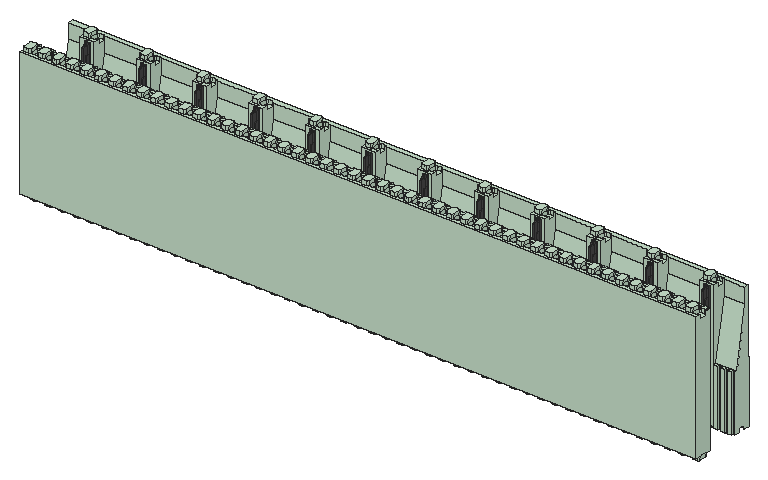
Revit family "ICF- NUDURA 4-inch Single Sided Taper Top Form Unit- Imperial", category Generic Models, Revit 2011 (continued)
Forms (in)
  Extrusion 51, void
    sketch origin (86, 0, 0) x (-1, 0, 0) y (0, -1, 0)
      loop
        arc (1, -4.89808) -> (1.04785, -5.04517) -> (1.17308, -5.13595) r 0.25
        arc (1.17308, -5.13595) -> (1.5, -5.1875) -> (1.82692, -5.13595) r 1.0625
        arc (1.82692, -5.13595) -> (1.95215, -5.04517) -> (2, -4.89808) r 0.25
        line (2, -4.89808) -> (2, -3.97692)
        arc (2, -3.97692) -> (1.98276, -3.88568) -> (1.9334, -3.80702) r 0.25
        arc (1.9334, -3.80702) -> (1.92106, -3.78736) -> (1.91675, -3.76455) r 0.0625
        line (1.91675, -3.76455) -> (1.91675, -3.41845) -> (1.74592, -3.41845) -> (1.74592, -3.64005)
        arc (1.74592, -3.64005) -> (1.72385, -3.68771) -> (1.67323, -3.70172) r 0.0625
        arc (1.67323, -3.70172) -> (1.42092, -3.69045) -> (1.17308, -3.73905) r 1.0625
        arc (1.17308, -3.73905) -> (1.04785, -3.82983) -> (1, -3.97692) r 0.25
        line (1, -3.97692) -> (1, -4.89808)
    from 18 to 17.5
  Extrusion 52, void
    sketch origin (78, 0, 0) x (-1, 0, 0) y (0, -1, 0)
      loop
        arc (1, -4.89808) -> (1.04785, -5.04517) -> (1.17308, -5.13595) r 0.25
        arc (1.17308, -5.13595) -> (1.5, -5.1875) -> (1.82692, -5.13595) r 1.0625
        arc (1.82692, -5.13595) -> (1.95215, -5.04517) -> (2, -4.89808) r 0.25
        line (2, -4.89808) -> (2, -3.97692)
        arc (2, -3.97692) -> (1.98276, -3.88568) -> (1.9334, -3.80702) r 0.25
        arc (1.9334, -3.80702) -> (1.92106, -3.78736) -> (1.91675, -3.76455) r 0.0625
        line (1.91675, -3.76455) -> (1.91675, -3.41845) -> (1.74592, -3.41845) -> (1.74592, -3.64005)
        arc (1.74592, -3.64005) -> (1.72385, -3.68771) -> (1.67323, -3.70172) r 0.0625
        arc (1.67323, -3.70172) -> (1.42092, -3.69045) -> (1.17308, -3.73905) r 1.0625
        arc (1.17308, -3.73905) -> (1.04785, -3.82983) -> (1, -3.97692) r 0.25
        line (1, -3.97692) -> (1, -4.89808)
    from 18 to 17.5
  Extrusion 53, void
    sketch origin (70, 0, 0) x (-1, 0, 0) y (0, -1, 0)
      loop
        arc (1, -4.89808) -> (1.04785, -5.04517) -> (1.17308, -5.13595) r 0.25
        arc (1.17308, -5.13595) -> (1.5, -5.1875) -> (1.82692, -5.13595) r 1.0625
        arc (1.82692, -5.13595) -> (1.95215, -5.04517) -> (2, -4.89808) r 0.25
        line (2, -4.89808) -> (2, -3.97692)
        arc (2, -3.97692) -> (1.98276, -3.88568) -> (1.9334, -3.80702) r 0.25
        arc (1.9334, -3.80702) -> (1.92106, -3.78736) -> (1.91675, -3.76455) r 0.0625
        line (1.91675, -3.76455) -> (1.91675, -3.41845) -> (1.74592, -3.41845) -> (1.74592, -3.64005)
        arc (1.74592, -3.64005) -> (1.72385, -3.68771) -> (1.67323, -3.70172) r 0.0625
        arc (1.67323, -3.70172) -> (1.42092, -3.69045) -> (1.17308, -3.73905) r 1.0625
        arc (1.17308, -3.73905) -> (1.04785, -3.82983) -> (1, -3.97692) r 0.25
        line (1, -3.97692) -> (1, -4.89808)
    from 18 to 17.5
  Extrusion 54, void
    sketch origin (62, 0, 0) x (-1, 0, 0) y (0, -1, 0)
      loop
        arc (1, -4.89808) -> (1.04785, -5.04517) -> (1.17308, -5.13595) r 0.25
        arc (1.17308, -5.13595) -> (1.5, -5.1875) -> (1.82692, -5.13595) r 1.0625
        arc (1.82692, -5.13595) -> (1.95215, -5.04517) -> (2, -4.89808) r 0.25
        line (2, -4.89808) -> (2, -3.97692)
        arc (2, -3.97692) -> (1.98276, -3.88568) -> (1.9334, -3.80702) r 0.25
        arc (1.9334, -3.80702) -> (1.92106, -3.78736) -> (1.91675, -3.76455) r 0.0625
        line (1.91675, -3.76455) -> (1.91675, -3.41845) -> (1.74592, -3.41845) -> (1.74592, -3.64005)
        arc (1.74592, -3.64005) -> (1.72385, -3.68771) -> (1.67323, -3.70172) r 0.0625
        arc (1.67323, -3.70172) -> (1.42092, -3.69045) -> (1.17308, -3.73905) r 1.0625
        arc (1.17308, -3.73905) -> (1.04785, -3.82983) -> (1, -3.97692) r 0.25
        line (1, -3.97692) -> (1, -4.89808)
    from 18 to 17.5
  Extrusion 55, void
    sketch origin (54, 0, 0) x (-1, 0, 0) y (0, -1, 0)
      loop
        arc (1, -4.89808) -> (1.04785, -5.04517) -> (1.17308, -5.13595) r 0.25
        arc (1.17308, -5.13595) -> (1.5, -5.1875) -> (1.82692, -5.13595) r 1.0625
        arc (1.82692, -5.13595) -> (1.95215, -5.04517) -> (2, -4.89808) r 0.25
        line (2, -4.89808) -> (2, -3.97692)
        arc (2, -3.97692) -> (1.98276, -3.88568) -> (1.9334, -3.80702) r 0.25
        arc (1.9334, -3.80702) -> (1.92106, -3.78736) -> (1.91675, -3.76455) r 0.0625
        line (1.91675, -3.76455) -> (1.91675, -3.41845) -> (1.74592, -3.41845) -> (1.74592, -3.64005)
        arc (1.74592, -3.64005) -> (1.72385, -3.68771) -> (1.67323, -3.70172) r 0.0625
        arc (1.67323, -3.70172) -> (1.42092, -3.69045) -> (1.17308, -3.73905) r 1.0625
        arc (1.17308, -3.73905) -> (1.04785, -3.82983) -> (1, -3.97692) r 0.25
        line (1, -3.97692) -> (1, -4.89808)
    from 18 to 17.5
  Extrusion 56, void
    sketch origin (46, 0, 0) x (-1, 0, 0) y (0, -1, 0)
      loop
        arc (1, -4.89808) -> (1.04785, -5.04517) -> (1.17308, -5.13595) r 0.25
        arc (1.17308, -5.13595) -> (1.5, -5.1875) -> (1.82692, -5.13595) r 1.0625
        arc (1.82692, -5.13595) -> (1.95215, -5.04517) -> (2, -4.89808) r 0.25
        line (2, -4.89808) -> (2, -3.97692)
        arc (2, -3.97692) -> (1.98276, -3.88568) -> (1.9334, -3.80702) r 0.25
        arc (1.9334, -3.80702) -> (1.92106, -3.78736) -> (1.91675, -3.76455) r 0.0625
        line (1.91675, -3.76455) -> (1.91675, -3.41845) -> (1.74592, -3.41845) -> (1.74592, -3.64005)
        arc (1.74592, -3.64005) -> (1.72385, -3.68771) -> (1.67323, -3.70172) r 0.0625
        arc (1.67323, -3.70172) -> (1.42092, -3.69045) -> (1.17308, -3.73905) r 1.0625
        arc (1.17308, -3.73905) -> (1.04785, -3.82983) -> (1, -3.97692) r 0.25
        line (1, -3.97692) -> (1, -4.89808)
    from 18 to 17.5
  Extrusion 57, void
    sketch origin (38, 0, 0) x (-1, 0, 0) y (0, -1, 0)
      loop
        arc (1, -4.89808) -> (1.04785, -5.04517) -> (1.17308, -5.13595) r 0.25
        arc (1.17308, -5.13595) -> (1.5, -5.1875) -> (1.82692, -5.13595) r 1.0625
        arc (1.82692, -5.13595) -> (1.95215, -5.04517) -> (2, -4.89808) r 0.25
        line (2, -4.89808) -> (2, -3.97692)
        arc (2, -3.97692) -> (1.98276, -3.88568) -> (1.9334, -3.80702) r 0.25
        arc (1.9334, -3.80702) -> (1.92106, -3.78736) -> (1.91675, -3.76455) r 0.0625
        line (1.91675, -3.76455) -> (1.91675, -3.41845) -> (1.74592, -3.41845) -> (1.74592, -3.64005)
        arc (1.74592, -3.64005) -> (1.72385, -3.68771) -> (1.67323, -3.70172) r 0.0625
        arc (1.67323, -3.70172) -> (1.42092, -3.69045) -> (1.17308, -3.73905) r 1.0625
        arc (1.17308, -3.73905) -> (1.04785, -3.82983) -> (1, -3.97692) r 0.25
        line (1, -3.97692) -> (1, -4.89808)
    from 18 to 17.5
  Extrusion 58, void
    sketch origin (30, 0, 0) x (-1, 0, 0) y (0, -1, 0)
      loop
        arc (1, -4.89808) -> (1.04785, -5.04517) -> (1.17308, -5.13595) r 0.25
        arc (1.17308, -5.13595) -> (1.5, -5.1875) -> (1.82692, -5.13595) r 1.0625
        arc (1.82692, -5.13595) -> (1.95215, -5.04517) -> (2, -4.89808) r 0.25
        line (2, -4.89808) -> (2, -3.97692)
        arc (2, -3.97692) -> (1.98276, -3.88568) -> (1.9334, -3.80702) r 0.25
        arc (1.9334, -3.80702) -> (1.92106, -3.78736) -> (1.91675, -3.76455) r 0.0625
        line (1.91675, -3.76455) -> (1.91675, -3.41845) -> (1.74592, -3.41845) -> (1.74592, -3.64005)
        arc (1.74592, -3.64005) -> (1.72385, -3.68771) -> (1.67323, -3.70172) r 0.0625
        arc (1.67323, -3.70172) -> (1.42092, -3.69045) -> (1.17308, -3.73905) r 1.0625
        arc (1.17308, -3.73905) -> (1.04785, -3.82983) -> (1, -3.97692) r 0.25
        line (1, -3.97692) -> (1, -4.89808)
    from 18 to 17.5
  Extrusion 59, void
    sketch origin (22, 0, 0) x (-1, 0, 0) y (0, -1, 0)
      loop
        arc (1, -4.89808) -> (1.04785, -5.04517) -> (1.17308, -5.13595) r 0.25
        arc (1.17308, -5.13595) -> (1.5, -5.1875) -> (1.82692, -5.13595) r 1.0625
        arc (1.82692, -5.13595) -> (1.95215, -5.04517) -> (2, -4.89808) r 0.25
        line (2, -4.89808) -> (2, -3.97692)
        arc (2, -3.97692) -> (1.98276, -3.88568) -> (1.9334, -3.80702) r 0.25
        arc (1.9334, -3.80702) -> (1.92106, -3.78736) -> (1.91675, -3.76455) r 0.0625
        line (1.91675, -3.76455) -> (1.91675, -3.41845) -> (1.74592, -3.41845) -> (1.74592, -3.64005)
        arc (1.74592, -3.64005) -> (1.72385, -3.68771) -> (1.67323, -3.70172) r 0.0625
        arc (1.67323, -3.70172) -> (1.42092, -3.69045) -> (1.17308, -3.73905) r 1.0625
        arc (1.17308, -3.73905) -> (1.04785, -3.82983) -> (1, -3.97692) r 0.25
        line (1, -3.97692) -> (1, -4.89808)
    from 18 to 17.5
  Extrusion 60, void
    sketch origin (14, 0, 0) x (-1, 0, 0) y (0, -1, 0)
      loop
        arc (1, -4.89808) -> (1.04785, -5.04517) -> (1.17308, -5.13595) r 0.25
        arc (1.17308, -5.13595) -> (1.5, -5.1875) -> (1.82692, -5.13595) r 1.0625
        arc (1.82692, -5.13595) -> (1.95215, -5.04517) -> (2, -4.89808) r 0.25
        line (2, -4.89808) -> (2, -3.97692)
        arc (2, -3.97692) -> (1.98276, -3.88568) -> (1.9334, -3.80702) r 0.25
        arc (1.9334, -3.80702) -> (1.92106, -3.78736) -> (1.91675, -3.76455) r 0.0625
        line (1.91675, -3.76455) -> (1.91675, -3.41845) -> (1.74592, -3.41845) -> (1.74592, -3.64005)
        arc (1.74592, -3.64005) -> (1.72385, -3.68771) -> (1.67323, -3.70172) r 0.0625
        arc (1.67323, -3.70172) -> (1.42092, -3.69045) -> (1.17308, -3.73905) r 1.0625
        arc (1.17308, -3.73905) -> (1.04785, -3.82983) -> (1, -3.97692) r 0.25
        line (1, -3.97692) -> (1, -4.89808)
    from 18 to 17.5
  Extrusion 61, void
    sketch origin (6, 0, 0) x (-1, 0, 0) y (0, -1, 0)
      loop
        arc (1, -4.89808) -> (1.04785, -5.04517) -> (1.17308, -5.13595) r 0.25
        arc (1.17308, -5.13595) -> (1.5, -5.1875) -> (1.82692, -5.13595) r 1.0625
        arc (1.82692, -5.13595) -> (1.95215, -5.04517) -> (2, -4.89808) r 0.25
        line (2, -4.89808) -> (2, -3.97692)
        arc (2, -3.97692) -> (1.98276, -3.88568) -> (1.9334, -3.80702) r 0.25
        arc (1.9334, -3.80702) -> (1.92106, -3.78736) -> (1.91675, -3.76455) r 0.0625
        line (1.91675, -3.76455) -> (1.91675, -3.41845) -> (1.74592, -3.41845) -> (1.74592, -3.64005)
        arc (1.74592, -3.64005) -> (1.72385, -3.68771) -> (1.67323, -3.70172) r 0.0625
        arc (1.67323, -3.70172) -> (1.42092, -3.69045) -> (1.17308, -3.73905) r 1.0625
        arc (1.17308, -3.73905) -> (1.04785, -3.82983) -> (1, -3.97692) r 0.25
        line (1, -3.97692) -> (1, -4.89808)
    from 18 to 17.5
  Extrusion 62, void
    sketch origin (2, 2, 0) x (-1, 0, 0) y (0, -1, 0)
      loop
        line (1, 4.89808) -> (1, 3.97692)
        arc (1, 3.97692) -> (1.04785, 3.82983) -> (1.17308, 3.73905) r 0.25
        arc (1.17308, 3.73905) -> (1.42092, 3.69045) -> (1.67323, 3.70172) r 1.0625
        arc (1.67323, 3.70172) -> (1.72385, 3.68771) -> (1.74592, 3.64005) r 0.0625
        line (1.74592, 3.64005) -> (1.74592, 3.41845) -> (1.91675, 3.41845) -> (1.91675, 3.76455)
        arc (1.91675, 3.76455) -> (1.92106, 3.78736) -> (1.9334, 3.80702) r 0.0625
        arc (1.9334, 3.80702) -> (1.98276, 3.88568) -> (2, 3.97692) r 0.25
        line (2, 3.97692) -> (2, 4.89808)
        arc (2, 4.89808) -> (1.95215, 5.04517) -> (1.82692, 5.13595) r 0.25
        arc (1.82692, 5.13595) -> (1.5, 5.1875) -> (1.17308, 5.13595) r 1.0625
        arc (1.17308, 5.13595) -> (1.04785, 5.04517) -> (1, 4.89808) r 0.25
    from 0 to 0.5
  Extrusion 63, void
    sketch origin (4, 2, 0) x (-1, 0, 0) y (0, -1, 0)
      loop
        line (1, 4.89808) -> (1, 3.97692)
        arc (1, 3.97692) -> (1.04785, 3.82983) -> (1.17308, 3.73905) r 0.25
        arc (1.17308, 3.73905) -> (1.42092, 3.69045) -> (1.67323, 3.70172) r 1.0625
        arc (1.67323, 3.70172) -> (1.72385, 3.68771) -> (1.74592, 3.64005) r 0.0625
        line (1.74592, 3.64005) -> (1.74592, 3.41845) -> (1.91675, 3.41845) -> (1.91675, 3.76455)
        arc (1.91675, 3.76455) -> (1.92106, 3.78736) -> (1.9334, 3.80702) r 0.0625
        arc (1.9334, 3.80702) -> (1.98276, 3.88568) -> (2, 3.97692) r 0.25
        line (2, 3.97692) -> (2, 4.89808)
        arc (2, 4.89808) -> (1.95215, 5.04517) -> (1.82692, 5.13595) r 0.25
        arc (1.82692, 5.13595) -> (1.5, 5.1875) -> (1.17308, 5.13595) r 1.0625
        arc (1.17308, 5.13595) -> (1.04785, 5.04517) -> (1, 4.89808) r 0.25
    from 0 to 0.5
  Extrusion 64, void
    sketch origin (6, 2, 0) x (-1, 0, 0) y (0, -1, 0)
      loop
        line (1, 4.89808) -> (1, 3.97692)
        arc (1, 3.97692) -> (1.04785, 3.82983) -> (1.17308, 3.73905) r 0.25
        arc (1.17308, 3.73905) -> (1.42092, 3.69045) -> (1.67323, 3.70172) r 1.0625
        arc (1.67323, 3.70172) -> (1.72385, 3.68771) -> (1.74592, 3.64005) r 0.0625
        line (1.74592, 3.64005) -> (1.74592, 3.41845) -> (1.91675, 3.41845) -> (1.91675, 3.76455)
        arc (1.91675, 3.76455) -> (1.92106, 3.78736) -> (1.9334, 3.80702) r 0.0625
        arc (1.9334, 3.80702) -> (1.98276, 3.88568) -> (2, 3.97692) r 0.25
        line (2, 3.97692) -> (2, 4.89808)
        arc (2, 4.89808) -> (1.95215, 5.04517) -> (1.82692, 5.13595) r 0.25
        arc (1.82692, 5.13595) -> (1.5, 5.1875) -> (1.17308, 5.13595) r 1.0625
        arc (1.17308, 5.13595) -> (1.04785, 5.04517) -> (1, 4.89808) r 0.25
    from 0 to 0.5
  Extrusion 65, void
    sketch origin (8, 2, 0) x (-1, 0, 0) y (0, -1, 0)
      loop
        line (1, 4.89808) -> (1, 3.97692)
        arc (1, 3.97692) -> (1.04785, 3.82983) -> (1.17308, 3.73905) r 0.25
        arc (1.17308, 3.73905) -> (1.42092, 3.69045) -> (1.67323, 3.70172) r 1.0625
        arc (1.67323, 3.70172) -> (1.72385, 3.68771) -> (1.74592, 3.64005) r 0.0625
        line (1.74592, 3.64005) -> (1.74592, 3.41845) -> (1.91675, 3.41845) -> (1.91675, 3.76455)
        arc (1.91675, 3.76455) -> (1.92106, 3.78736) -> (1.9334, 3.80702) r 0.0625
        arc (1.9334, 3.80702) -> (1.98276, 3.88568) -> (2, 3.97692) r 0.25
        line (2, 3.97692) -> (2, 4.89808)
        arc (2, 4.89808) -> (1.95215, 5.04517) -> (1.82692, 5.13595) r 0.25
        arc (1.82692, 5.13595) -> (1.5, 5.1875) -> (1.17308, 5.13595) r 1.0625
        arc (1.17308, 5.13595) -> (1.04785, 5.04517) -> (1, 4.89808) r 0.25
    from 0 to 0.5
  Extrusion 66, void
    sketch origin (10, 2, 0) x (-1, 0, 0) y (0, -1, 0)
      loop
        line (1, 4.89808) -> (1, 3.97692)
        arc (1, 3.97692) -> (1.04785, 3.82983) -> (1.17308, 3.73905) r 0.25
        arc (1.17308, 3.73905) -> (1.42092, 3.69045) -> (1.67323, 3.70172) r 1.0625
        arc (1.67323, 3.70172) -> (1.72385, 3.68771) -> (1.74592, 3.64005) r 0.0625
        line (1.74592, 3.64005) -> (1.74592, 3.41845) -> (1.91675, 3.41845) -> (1.91675, 3.76455)
        arc (1.91675, 3.76455) -> (1.92106, 3.78736) -> (1.9334, 3.80702) r 0.0625
        arc (1.9334, 3.80702) -> (1.98276, 3.88568) -> (2, 3.97692) r 0.25
        line (2, 3.97692) -> (2, 4.89808)
        arc (2, 4.89808) -> (1.95215, 5.04517) -> (1.82692, 5.13595) r 0.25
        arc (1.82692, 5.13595) -> (1.5, 5.1875) -> (1.17308, 5.13595) r 1.0625
        arc (1.17308, 5.13595) -> (1.04785, 5.04517) -> (1, 4.89808) r 0.25
    from 0 to 0.5
  Extrusion 67, void
    sketch origin (12, 2, 0) x (-1, 0, 0) y (0, -1, 0)
      loop
        line (1, 4.89808) -> (1, 3.97692)
        arc (1, 3.97692) -> (1.04785, 3.82983) -> (1.17308, 3.73905) r 0.25
        arc (1.17308, 3.73905) -> (1.42092, 3.69045) -> (1.67323, 3.70172) r 1.0625
        arc (1.67323, 3.70172) -> (1.72385, 3.68771) -> (1.74592, 3.64005) r 0.0625
        line (1.74592, 3.64005) -> (1.74592, 3.41845) -> (1.91675, 3.41845) -> (1.91675, 3.76455)
        arc (1.91675, 3.76455) -> (1.92106, 3.78736) -> (1.9334, 3.80702) r 0.0625
        arc (1.9334, 3.80702) -> (1.98276, 3.88568) -> (2, 3.97692) r 0.25
        line (2, 3.97692) -> (2, 4.89808)
        arc (2, 4.89808) -> (1.95215, 5.04517) -> (1.82692, 5.13595) r 0.25
        arc (1.82692, 5.13595) -> (1.5, 5.1875) -> (1.17308, 5.13595) r 1.0625
        arc (1.17308, 5.13595) -> (1.04785, 5.04517) -> (1, 4.89808) r 0.25
    from 0 to 0.5
  Extrusion 68, void
    sketch origin (14, 2, 0) x (-1, 0, 0) y (0, -1, 0)
      loop
        line (1, 4.89808) -> (1, 3.97692)
        arc (1, 3.97692) -> (1.04785, 3.82983) -> (1.17308, 3.73905) r 0.25
        arc (1.17308, 3.73905) -> (1.42092, 3.69045) -> (1.67323, 3.70172) r 1.0625
        arc (1.67323, 3.70172) -> (1.72385, 3.68771) -> (1.74592, 3.64005) r 0.0625
        line (1.74592, 3.64005) -> (1.74592, 3.41845) -> (1.91675, 3.41845) -> (1.91675, 3.76455)
        arc (1.91675, 3.76455) -> (1.92106, 3.78736) -> (1.9334, 3.80702) r 0.0625
        arc (1.9334, 3.80702) -> (1.98276, 3.88568) -> (2, 3.97692) r 0.25
        line (2, 3.97692) -> (2, 4.89808)
        arc (2, 4.89808) -> (1.95215, 5.04517) -> (1.82692, 5.13595) r 0.25
        arc (1.82692, 5.13595) -> (1.5, 5.1875) -> (1.17308, 5.13595) r 1.0625
        arc (1.17308, 5.13595) -> (1.04785, 5.04517) -> (1, 4.89808) r 0.25
    from 0 to 0.5
  Extrusion 69, void
    sketch origin (16, 2, 0) x (-1, 0, 0) y (0, -1, 0)
      loop
        line (1, 4.89808) -> (1, 3.97692)
        arc (1, 3.97692) -> (1.04785, 3.82983) -> (1.17308, 3.73905) r 0.25
        arc (1.17308, 3.73905) -> (1.42092, 3.69045) -> (1.67323, 3.70172) r 1.0625
        arc (1.67323, 3.70172) -> (1.72385, 3.68771) -> (1.74592, 3.64005) r 0.0625
        line (1.74592, 3.64005) -> (1.74592, 3.41845) -> (1.91675, 3.41845) -> (1.91675, 3.76455)
        arc (1.91675, 3.76455) -> (1.92106, 3.78736) -> (1.9334, 3.80702) r 0.0625
        arc (1.9334, 3.80702) -> (1.98276, 3.88568) -> (2, 3.97692) r 0.25
        line (2, 3.97692) -> (2, 4.89808)
        arc (2, 4.89808) -> (1.95215, 5.04517) -> (1.82692, 5.13595) r 0.25
        arc (1.82692, 5.13595) -> (1.5, 5.1875) -> (1.17308, 5.13595) r 1.0625
        arc (1.17308, 5.13595) -> (1.04785, 5.04517) -> (1, 4.89808) r 0.25
    from 0 to 0.5
  Extrusion 70, void
    sketch origin (18, 2, 0) x (-1, 0, 0) y (0, -1, 0)
      loop
        line (1, 4.89808) -> (1, 3.97692)
        arc (1, 3.97692) -> (1.04785, 3.82983) -> (1.17308, 3.73905) r 0.25
        arc (1.17308, 3.73905) -> (1.42092, 3.69045) -> (1.67323, 3.70172) r 1.0625
        arc (1.67323, 3.70172) -> (1.72385, 3.68771) -> (1.74592, 3.64005) r 0.0625
        line (1.74592, 3.64005) -> (1.74592, 3.41845) -> (1.91675, 3.41845) -> (1.91675, 3.76455)
        arc (1.91675, 3.76455) -> (1.92106, 3.78736) -> (1.9334, 3.80702) r 0.0625
        arc (1.9334, 3.80702) -> (1.98276, 3.88568) -> (2, 3.97692) r 0.25
        line (2, 3.97692) -> (2, 4.89808)
        arc (2, 4.89808) -> (1.95215, 5.04517) -> (1.82692, 5.13595) r 0.25
        arc (1.82692, 5.13595) -> (1.5, 5.1875) -> (1.17308, 5.13595) r 1.0625
        arc (1.17308, 5.13595) -> (1.04785, 5.04517) -> (1, 4.89808) r 0.25
    from 0 to 0.5
  Extrusion 71, void
    sketch origin (20, 2, 0) x (-1, 0, 0) y (0, -1, 0)
      loop
        line (1, 4.89808) -> (1, 3.97692)
        arc (1, 3.97692) -> (1.04785, 3.82983) -> (1.17308, 3.73905) r 0.25
        arc (1.17308, 3.73905) -> (1.42092, 3.69045) -> (1.67323, 3.70172) r 1.0625
        arc (1.67323, 3.70172) -> (1.72385, 3.68771) -> (1.74592, 3.64005) r 0.0625
        line (1.74592, 3.64005) -> (1.74592, 3.41845) -> (1.91675, 3.41845) -> (1.91675, 3.76455)
        arc (1.91675, 3.76455) -> (1.92106, 3.78736) -> (1.9334, 3.80702) r 0.0625
        arc (1.9334, 3.80702) -> (1.98276, 3.88568) -> (2, 3.97692) r 0.25
        line (2, 3.97692) -> (2, 4.89808)
        arc (2, 4.89808) -> (1.95215, 5.04517) -> (1.82692, 5.13595) r 0.25
        arc (1.82692, 5.13595) -> (1.5, 5.1875) -> (1.17308, 5.13595) r 1.0625
        arc (1.17308, 5.13595) -> (1.04785, 5.04517) -> (1, 4.89808) r 0.25
    from 0 to 0.5
  Extrusion 72, void
    sketch origin (22, 2, 0) x (-1, 0, 0) y (0, -1, 0)
      loop
        line (1, 4.89808) -> (1, 3.97692)
        arc (1, 3.97692) -> (1.04785, 3.82983) -> (1.17308, 3.73905) r 0.25
        arc (1.17308, 3.73905) -> (1.42092, 3.69045) -> (1.67323, 3.70172) r 1.0625
        arc (1.67323, 3.70172) -> (1.72385, 3.68771) -> (1.74592, 3.64005) r 0.0625
        line (1.74592, 3.64005) -> (1.74592, 3.41845) -> (1.91675, 3.41845) -> (1.91675, 3.76455)
        arc (1.91675, 3.76455) -> (1.92106, 3.78736) -> (1.9334, 3.80702) r 0.0625
        arc (1.9334, 3.80702) -> (1.98276, 3.88568) -> (2, 3.97692) r 0.25
        line (2, 3.97692) -> (2, 4.89808)
        arc (2, 4.89808) -> (1.95215, 5.04517) -> (1.82692, 5.13595) r 0.25
        arc (1.82692, 5.13595) -> (1.5, 5.1875) -> (1.17308, 5.13595) r 1.0625
        arc (1.17308, 5.13595) -> (1.04785, 5.04517) -> (1, 4.89808) r 0.25
    from 0 to 0.5
  Extrusion 73, void
    sketch origin (24, 2, 0) x (-1, 0, 0) y (0, -1, 0)
      loop
        line (1, 4.89808) -> (1, 3.97692)
        arc (1, 3.97692) -> (1.04785, 3.82983) -> (1.17308, 3.73905) r 0.25
        arc (1.17308, 3.73905) -> (1.42092, 3.69045) -> (1.67323, 3.70172) r 1.0625
        arc (1.67323, 3.70172) -> (1.72385, 3.68771) -> (1.74592, 3.64005) r 0.0625
        line (1.74592, 3.64005) -> (1.74592, 3.41845) -> (1.91675, 3.41845) -> (1.91675, 3.76455)
        arc (1.91675, 3.76455) -> (1.92106, 3.78736) -> (1.9334, 3.80702) r 0.0625
        arc (1.9334, 3.80702) -> (1.98276, 3.88568) -> (2, 3.97692) r 0.25
        line (2, 3.97692) -> (2, 4.89808)
        arc (2, 4.89808) -> (1.95215, 5.04517) -> (1.82692, 5.13595) r 0.25
        arc (1.82692, 5.13595) -> (1.5, 5.1875) -> (1.17308, 5.13595) r 1.0625
        arc (1.17308, 5.13595) -> (1.04785, 5.04517) -> (1, 4.89808) r 0.25
    from 0 to 0.5
  Extrusion 74, void
    sketch origin (26, 2, 0) x (-1, 0, 0) y (0, -1, 0)
      loop
        line (1, 4.89808) -> (1, 3.97692)
        arc (1, 3.97692) -> (1.04785, 3.82983) -> (1.17308, 3.73905) r 0.25
        arc (1.17308, 3.73905) -> (1.42092, 3.69045) -> (1.67323, 3.70172) r 1.0625
        arc (1.67323, 3.70172) -> (1.72385, 3.68771) -> (1.74592, 3.64005) r 0.0625
        line (1.74592, 3.64005) -> (1.74592, 3.41845) -> (1.91675, 3.41845) -> (1.91675, 3.76455)
        arc (1.91675, 3.76455) -> (1.92106, 3.78736) -> (1.9334, 3.80702) r 0.0625
        arc (1.9334, 3.80702) -> (1.98276, 3.88568) -> (2, 3.97692) r 0.25
        line (2, 3.97692) -> (2, 4.89808)
        arc (2, 4.89808) -> (1.95215, 5.04517) -> (1.82692, 5.13595) r 0.25
        arc (1.82692, 5.13595) -> (1.5, 5.1875) -> (1.17308, 5.13595) r 1.0625
        arc (1.17308, 5.13595) -> (1.04785, 5.04517) -> (1, 4.89808) r 0.25
    from 0 to 0.5
  Extrusion 75, void
    sketch origin (28, 2, 0) x (-1, 0, 0) y (0, -1, 0)
      loop
        line (1, 4.89808) -> (1, 3.97692)
        arc (1, 3.97692) -> (1.04785, 3.82983) -> (1.17308, 3.73905) r 0.25
        arc (1.17308, 3.73905) -> (1.42092, 3.69045) -> (1.67323, 3.70172) r 1.0625
        arc (1.67323, 3.70172) -> (1.72385, 3.68771) -> (1.74592, 3.64005) r 0.0625
        line (1.74592, 3.64005) -> (1.74592, 3.41845) -> (1.91675, 3.41845) -> (1.91675, 3.76455)
        arc (1.91675, 3.76455) -> (1.92106, 3.78736) -> (1.9334, 3.80702) r 0.0625
        arc (1.9334, 3.80702) -> (1.98276, 3.88568) -> (2, 3.97692) r 0.25
        line (2, 3.97692) -> (2, 4.89808)
        arc (2, 4.89808) -> (1.95215, 5.04517) -> (1.82692, 5.13595) r 0.25
        arc (1.82692, 5.13595) -> (1.5, 5.1875) -> (1.17308, 5.13595) r 1.0625
        arc (1.17308, 5.13595) -> (1.04785, 5.04517) -> (1, 4.89808) r 0.25
    from 0 to 0.5
  Extrusion 76, void
    sketch origin (30, 2, 0) x (-1, 0, 0) y (0, -1, 0)
      loop
        line (1, 4.89808) -> (1, 3.97692)
        arc (1, 3.97692) -> (1.04785, 3.82983) -> (1.17308, 3.73905) r 0.25
        arc (1.17308, 3.73905) -> (1.42092, 3.69045) -> (1.67323, 3.70172) r 1.0625
        arc (1.67323, 3.70172) -> (1.72385, 3.68771) -> (1.74592, 3.64005) r 0.0625
        line (1.74592, 3.64005) -> (1.74592, 3.41845) -> (1.91675, 3.41845) -> (1.91675, 3.76455)
        arc (1.91675, 3.76455) -> (1.92106, 3.78736) -> (1.9334, 3.80702) r 0.0625
        arc (1.9334, 3.80702) -> (1.98276, 3.88568) -> (2, 3.97692) r 0.25
        line (2, 3.97692) -> (2, 4.89808)
        arc (2, 4.89808) -> (1.95215, 5.04517) -> (1.82692, 5.13595) r 0.25
        arc (1.82692, 5.13595) -> (1.5, 5.1875) -> (1.17308, 5.13595) r 1.0625
        arc (1.17308, 5.13595) -> (1.04785, 5.04517) -> (1, 4.89808) r 0.25
    from 0 to 0.5
  Extrusion 77, void
    sketch origin (32, 2, 0) x (-1, 0, 0) y (0, -1, 0)
      loop
        line (1, 4.89808) -> (1, 3.97692)
        arc (1, 3.97692) -> (1.04785, 3.82983) -> (1.17308, 3.73905) r 0.25
        arc (1.17308, 3.73905) -> (1.42092, 3.69045) -> (1.67323, 3.70172) r 1.0625
        arc (1.67323, 3.70172) -> (1.72385, 3.68771) -> (1.74592, 3.64005) r 0.0625
        line (1.74592, 3.64005) -> (1.74592, 3.41845) -> (1.91675, 3.41845) -> (1.91675, 3.76455)
        arc (1.91675, 3.76455) -> (1.92106, 3.78736) -> (1.9334, 3.80702) r 0.0625
        arc (1.9334, 3.80702) -> (1.98276, 3.88568) -> (2, 3.97692) r 0.25
        line (2, 3.97692) -> (2, 4.89808)
        arc (2, 4.89808) -> (1.95215, 5.04517) -> (1.82692, 5.13595) r 0.25
        arc (1.82692, 5.13595) -> (1.5, 5.1875) -> (1.17308, 5.13595) r 1.0625
        arc (1.17308, 5.13595) -> (1.04785, 5.04517) -> (1, 4.89808) r 0.25
    from 0 to 0.5
  Extrusion 78, void
    sketch origin (34, 2, 0) x (-1, 0, 0) y (0, -1, 0)
      loop
        line (1, 4.89808) -> (1, 3.97692)
        arc (1, 3.97692) -> (1.04785, 3.82983) -> (1.17308, 3.73905) r 0.25
        arc (1.17308, 3.73905) -> (1.42092, 3.69045) -> (1.67323, 3.70172) r 1.0625
        arc (1.67323, 3.70172) -> (1.72385, 3.68771) -> (1.74592, 3.64005) r 0.0625
        line (1.74592, 3.64005) -> (1.74592, 3.41845) -> (1.91675, 3.41845) -> (1.91675, 3.76455)
        arc (1.91675, 3.76455) -> (1.92106, 3.78736) -> (1.9334, 3.80702) r 0.0625
        arc (1.9334, 3.80702) -> (1.98276, 3.88568) -> (2, 3.97692) r 0.25
        line (2, 3.97692) -> (2, 4.89808)
        arc (2, 4.89808) -> (1.95215, 5.04517) -> (1.82692, 5.13595) r 0.25
        arc (1.82692, 5.13595) -> (1.5, 5.1875) -> (1.17308, 5.13595) r 1.0625
        arc (1.17308, 5.13595) -> (1.04785, 5.04517) -> (1, 4.89808) r 0.25
    from 0 to 0.5
  Extrusion 79, void
    sketch origin (36, 2, 0) x (-1, 0, 0) y (0, -1, 0)
      loop
        line (1, 4.89808) -> (1, 3.97692)
        arc (1, 3.97692) -> (1.04785, 3.82983) -> (1.17308, 3.73905) r 0.25
        arc (1.17308, 3.73905) -> (1.42092, 3.69045) -> (1.67323, 3.70172) r 1.0625
        arc (1.67323, 3.70172) -> (1.72385, 3.68771) -> (1.74592, 3.64005) r 0.0625
        line (1.74592, 3.64005) -> (1.74592, 3.41845) -> (1.91675, 3.41845) -> (1.91675, 3.76455)
        arc (1.91675, 3.76455) -> (1.92106, 3.78736) -> (1.9334, 3.80702) r 0.0625
        arc (1.9334, 3.80702) -> (1.98276, 3.88568) -> (2, 3.97692) r 0.25
        line (2, 3.97692) -> (2, 4.89808)
        arc (2, 4.89808) -> (1.95215, 5.04517) -> (1.82692, 5.13595) r 0.25
        arc (1.82692, 5.13595) -> (1.5, 5.1875) -> (1.17308, 5.13595) r 1.0625
        arc (1.17308, 5.13595) -> (1.04785, 5.04517) -> (1, 4.89808) r 0.25
    from 0 to 0.5
  Extrusion 80, void
    sketch origin (38, 2, 0) x (-1, 0, 0) y (0, -1, 0)
      loop
        line (1, 4.89808) -> (1, 3.97692)
        arc (1, 3.97692) -> (1.04785, 3.82983) -> (1.17308, 3.73905) r 0.25
        arc (1.17308, 3.73905) -> (1.42092, 3.69045) -> (1.67323, 3.70172) r 1.0625
        arc (1.67323, 3.70172) -> (1.72385, 3.68771) -> (1.74592, 3.64005) r 0.0625
        line (1.74592, 3.64005) -> (1.74592, 3.41845) -> (1.91675, 3.41845) -> (1.91675, 3.76455)
        arc (1.91675, 3.76455) -> (1.92106, 3.78736) -> (1.9334, 3.80702) r 0.0625
        arc (1.9334, 3.80702) -> (1.98276, 3.88568) -> (2, 3.97692) r 0.25
        line (2, 3.97692) -> (2, 4.89808)
        arc (2, 4.89808) -> (1.95215, 5.04517) -> (1.82692, 5.13595) r 0.25
        arc (1.82692, 5.13595) -> (1.5, 5.1875) -> (1.17308, 5.13595) r 1.0625
        arc (1.17308, 5.13595) -> (1.04785, 5.04517) -> (1, 4.89808) r 0.25
    from 0 to 0.5
  Extrusion 81, void
    sketch origin (40, 2, 0) x (-1, 0, 0) y (0, -1, 0)
      loop
        line (1, 4.89808) -> (1, 3.97692)
        arc (1, 3.97692) -> (1.04785, 3.82983) -> (1.17308, 3.73905) r 0.25
        arc (1.17308, 3.73905) -> (1.42092, 3.69045) -> (1.67323, 3.70172) r 1.0625
        arc (1.67323, 3.70172) -> (1.72385, 3.68771) -> (1.74592, 3.64005) r 0.0625
        line (1.74592, 3.64005) -> (1.74592, 3.41845) -> (1.91675, 3.41845) -> (1.91675, 3.76455)
        arc (1.91675, 3.76455) -> (1.92106, 3.78736) -> (1.9334, 3.80702) r 0.0625
        arc (1.9334, 3.80702) -> (1.98276, 3.88568) -> (2, 3.97692) r 0.25
        line (2, 3.97692) -> (2, 4.89808)
        arc (2, 4.89808) -> (1.95215, 5.04517) -> (1.82692, 5.13595) r 0.25
        arc (1.82692, 5.13595) -> (1.5, 5.1875) -> (1.17308, 5.13595) r 1.0625
        arc (1.17308, 5.13595) -> (1.04785, 5.04517) -> (1, 4.89808) r 0.25
    from 0 to 0.5
  Extrusion 82, void
    sketch origin (42, 2, 0) x (-1, 0, 0) y (0, -1, 0)
      loop
        line (1, 4.89808) -> (1, 3.97692)
        arc (1, 3.97692) -> (1.04785, 3.82983) -> (1.17308, 3.73905) r 0.25
        arc (1.17308, 3.73905) -> (1.42092, 3.69045) -> (1.67323, 3.70172) r 1.0625
        arc (1.67323, 3.70172) -> (1.72385, 3.68771) -> (1.74592, 3.64005) r 0.0625
        line (1.74592, 3.64005) -> (1.74592, 3.41845) -> (1.91675, 3.41845) -> (1.91675, 3.76455)
        arc (1.91675, 3.76455) -> (1.92106, 3.78736) -> (1.9334, 3.80702) r 0.0625
        arc (1.9334, 3.80702) -> (1.98276, 3.88568) -> (2, 3.97692) r 0.25
        line (2, 3.97692) -> (2, 4.89808)
        arc (2, 4.89808) -> (1.95215, 5.04517) -> (1.82692, 5.13595) r 0.25
        arc (1.82692, 5.13595) -> (1.5, 5.1875) -> (1.17308, 5.13595) r 1.0625
        arc (1.17308, 5.13595) -> (1.04785, 5.04517) -> (1, 4.89808) r 0.25
    from 0 to 0.5
  Extrusion 83, void
    sketch origin (44, 2, 0) x (-1, 0, 0) y (0, -1, 0)
      loop
        line (1, 4.89808) -> (1, 3.97692)
        arc (1, 3.97692) -> (1.04785, 3.82983) -> (1.17308, 3.73905) r 0.25
        arc (1.17308, 3.73905) -> (1.42092, 3.69045) -> (1.67323, 3.70172) r 1.0625
        arc (1.67323, 3.70172) -> (1.72385, 3.68771) -> (1.74592, 3.64005) r 0.0625
        line (1.74592, 3.64005) -> (1.74592, 3.41845) -> (1.91675, 3.41845) -> (1.91675, 3.76455)
        arc (1.91675, 3.76455) -> (1.92106, 3.78736) -> (1.9334, 3.80702) r 0.0625
        arc (1.9334, 3.80702) -> (1.98276, 3.88568) -> (2, 3.97692) r 0.25
        line (2, 3.97692) -> (2, 4.89808)
        arc (2, 4.89808) -> (1.95215, 5.04517) -> (1.82692, 5.13595) r 0.25
        arc (1.82692, 5.13595) -> (1.5, 5.1875) -> (1.17308, 5.13595) r 1.0625
        arc (1.17308, 5.13595) -> (1.04785, 5.04517) -> (1, 4.89808) r 0.25
    from 0 to 0.5
  Extrusion 84, void
    sketch origin (46, 2, 0) x (-1, 0, 0) y (0, -1, 0)
      loop
        line (1, 4.89808) -> (1, 3.97692)
        arc (1, 3.97692) -> (1.04785, 3.82983) -> (1.17308, 3.73905) r 0.25
        arc (1.17308, 3.73905) -> (1.42092, 3.69045) -> (1.67323, 3.70172) r 1.0625
        arc (1.67323, 3.70172) -> (1.72385, 3.68771) -> (1.74592, 3.64005) r 0.0625
        line (1.74592, 3.64005) -> (1.74592, 3.41845) -> (1.91675, 3.41845) -> (1.91675, 3.76455)
        arc (1.91675, 3.76455) -> (1.92106, 3.78736) -> (1.9334, 3.80702) r 0.0625
        arc (1.9334, 3.80702) -> (1.98276, 3.88568) -> (2, 3.97692) r 0.25
        line (2, 3.97692) -> (2, 4.89808)
        arc (2, 4.89808) -> (1.95215, 5.04517) -> (1.82692, 5.13595) r 0.25
        arc (1.82692, 5.13595) -> (1.5, 5.1875) -> (1.17308, 5.13595) r 1.0625
        arc (1.17308, 5.13595) -> (1.04785, 5.04517) -> (1, 4.89808) r 0.25
    from 0 to 0.5
  Extrusion 85, void
    sketch origin (48, 2, 0) x (-1, 0, 0) y (0, -1, 0)
      loop
        line (1, 4.89808) -> (1, 3.97692)
        arc (1, 3.97692) -> (1.04785, 3.82983) -> (1.17308, 3.73905) r 0.25
        arc (1.17308, 3.73905) -> (1.42092, 3.69045) -> (1.67323, 3.70172) r 1.0625
        arc (1.67323, 3.70172) -> (1.72385, 3.68771) -> (1.74592, 3.64005) r 0.0625
        line (1.74592, 3.64005) -> (1.74592, 3.41845) -> (1.91675, 3.41845) -> (1.91675, 3.76455)
        arc (1.91675, 3.76455) -> (1.92106, 3.78736) -> (1.9334, 3.80702) r 0.0625
        arc (1.9334, 3.80702) -> (1.98276, 3.88568) -> (2, 3.97692) r 0.25
        line (2, 3.97692) -> (2, 4.89808)
        arc (2, 4.89808) -> (1.95215, 5.04517) -> (1.82692, 5.13595) r 0.25
        arc (1.82692, 5.13595) -> (1.5, 5.1875) -> (1.17308, 5.13595) r 1.0625
        arc (1.17308, 5.13595) -> (1.04785, 5.04517) -> (1, 4.89808) r 0.25
    from 0 to 0.5
  Extrusion 86, void
    sketch origin (50, 2, 0) x (-1, 0, 0) y (0, -1, 0)
      loop
        line (1, 4.89808) -> (1, 3.97692)
        arc (1, 3.97692) -> (1.04785, 3.82983) -> (1.17308, 3.73905) r 0.25
        arc (1.17308, 3.73905) -> (1.42092, 3.69045) -> (1.67323, 3.70172) r 1.0625
        arc (1.67323, 3.70172) -> (1.72385, 3.68771) -> (1.74592, 3.64005) r 0.0625
        line (1.74592, 3.64005) -> (1.74592, 3.41845) -> (1.91675, 3.41845) -> (1.91675, 3.76455)
        arc (1.91675, 3.76455) -> (1.92106, 3.78736) -> (1.9334, 3.80702) r 0.0625
        arc (1.9334, 3.80702) -> (1.98276, 3.88568) -> (2, 3.97692) r 0.25
        line (2, 3.97692) -> (2, 4.89808)
        arc (2, 4.89808) -> (1.95215, 5.04517) -> (1.82692, 5.13595) r 0.25
        arc (1.82692, 5.13595) -> (1.5, 5.1875) -> (1.17308, 5.13595) r 1.0625
        arc (1.17308, 5.13595) -> (1.04785, 5.04517) -> (1, 4.89808) r 0.25
    from 0 to 0.5
  Extrusion 87, void
    sketch origin (52, 2, 0) x (-1, 0, 0) y (0, -1, 0)
      loop
        line (1, 4.89808) -> (1, 3.97692)
        arc (1, 3.97692) -> (1.04785, 3.82983) -> (1.17308, 3.73905) r 0.25
        arc (1.17308, 3.73905) -> (1.42092, 3.69045) -> (1.67323, 3.70172) r 1.0625
        arc (1.67323, 3.70172) -> (1.72385, 3.68771) -> (1.74592, 3.64005) r 0.0625
        line (1.74592, 3.64005) -> (1.74592, 3.41845) -> (1.91675, 3.41845) -> (1.91675, 3.76455)
        arc (1.91675, 3.76455) -> (1.92106, 3.78736) -> (1.9334, 3.80702) r 0.0625
        arc (1.9334, 3.80702) -> (1.98276, 3.88568) -> (2, 3.97692) r 0.25
        line (2, 3.97692) -> (2, 4.89808)
        arc (2, 4.89808) -> (1.95215, 5.04517) -> (1.82692, 5.13595) r 0.25
        arc (1.82692, 5.13595) -> (1.5, 5.1875) -> (1.17308, 5.13595) r 1.0625
        arc (1.17308, 5.13595) -> (1.04785, 5.04517) -> (1, 4.89808) r 0.25
    from 0 to 0.5
  Extrusion 88, void
    sketch origin (54, 2, 0) x (-1, 0, 0) y (0, -1, 0)
      loop
        line (1, 4.89808) -> (1, 3.97692)
        arc (1, 3.97692) -> (1.04785, 3.82983) -> (1.17308, 3.73905) r 0.25
        arc (1.17308, 3.73905) -> (1.42092, 3.69045) -> (1.67323, 3.70172) r 1.0625
        arc (1.67323, 3.70172) -> (1.72385, 3.68771) -> (1.74592, 3.64005) r 0.0625
        line (1.74592, 3.64005) -> (1.74592, 3.41845) -> (1.91675, 3.41845) -> (1.91675, 3.76455)
        arc (1.91675, 3.76455) -> (1.92106, 3.78736) -> (1.9334, 3.80702) r 0.0625
        arc (1.9334, 3.80702) -> (1.98276, 3.88568) -> (2, 3.97692) r 0.25
        line (2, 3.97692) -> (2, 4.89808)
        arc (2, 4.89808) -> (1.95215, 5.04517) -> (1.82692, 5.13595) r 0.25
        arc (1.82692, 5.13595) -> (1.5, 5.1875) -> (1.17308, 5.13595) r 1.0625
        arc (1.17308, 5.13595) -> (1.04785, 5.04517) -> (1, 4.89808) r 0.25
    from 0 to 0.5
  Extrusion 89, void
    sketch origin (56, 2, 0) x (-1, 0, 0) y (0, -1, 0)
      loop
        line (1, 4.89808) -> (1, 3.97692)
        arc (1, 3.97692) -> (1.04785, 3.82983) -> (1.17308, 3.73905) r 0.25
        arc (1.17308, 3.73905) -> (1.42092, 3.69045) -> (1.67323, 3.70172) r 1.0625
        arc (1.67323, 3.70172) -> (1.72385, 3.68771) -> (1.74592, 3.64005) r 0.0625
        line (1.74592, 3.64005) -> (1.74592, 3.41845) -> (1.91675, 3.41845) -> (1.91675, 3.76455)
        arc (1.91675, 3.76455) -> (1.92106, 3.78736) -> (1.9334, 3.80702) r 0.0625
        arc (1.9334, 3.80702) -> (1.98276, 3.88568) -> (2, 3.97692) r 0.25
        line (2, 3.97692) -> (2, 4.89808)
        arc (2, 4.89808) -> (1.95215, 5.04517) -> (1.82692, 5.13595) r 0.25
        arc (1.82692, 5.13595) -> (1.5, 5.1875) -> (1.17308, 5.13595) r 1.0625
        arc (1.17308, 5.13595) -> (1.04785, 5.04517) -> (1, 4.89808) r 0.25
    from 0 to 0.5
  Extrusion 90, void
    sketch origin (58, 2, 0) x (-1, 0, 0) y (0, -1, 0)
      loop
        line (1, 4.89808) -> (1, 3.97692)
        arc (1, 3.97692) -> (1.04785, 3.82983) -> (1.17308, 3.73905) r 0.25
        arc (1.17308, 3.73905) -> (1.42092, 3.69045) -> (1.67323, 3.70172) r 1.0625
        arc (1.67323, 3.70172) -> (1.72385, 3.68771) -> (1.74592, 3.64005) r 0.0625
        line (1.74592, 3.64005) -> (1.74592, 3.41845) -> (1.91675, 3.41845) -> (1.91675, 3.76455)
        arc (1.91675, 3.76455) -> (1.92106, 3.78736) -> (1.9334, 3.80702) r 0.0625
        arc (1.9334, 3.80702) -> (1.98276, 3.88568) -> (2, 3.97692) r 0.25
        line (2, 3.97692) -> (2, 4.89808)
        arc (2, 4.89808) -> (1.95215, 5.04517) -> (1.82692, 5.13595) r 0.25
        arc (1.82692, 5.13595) -> (1.5, 5.1875) -> (1.17308, 5.13595) r 1.0625
        arc (1.17308, 5.13595) -> (1.04785, 5.04517) -> (1, 4.89808) r 0.25
    from 0 to 0.5
  Extrusion 91, void
    sketch origin (60, 2, 0) x (-1, 0, 0) y (0, -1, 0)
      loop
        line (1, 4.89808) -> (1, 3.97692)
        arc (1, 3.97692) -> (1.04785, 3.82983) -> (1.17308, 3.73905) r 0.25
        arc (1.17308, 3.73905) -> (1.42092, 3.69045) -> (1.67323, 3.70172) r 1.0625
        arc (1.67323, 3.70172) -> (1.72385, 3.68771) -> (1.74592, 3.64005) r 0.0625
        line (1.74592, 3.64005) -> (1.74592, 3.41845) -> (1.91675, 3.41845) -> (1.91675, 3.76455)
        arc (1.91675, 3.76455) -> (1.92106, 3.78736) -> (1.9334, 3.80702) r 0.0625
        arc (1.9334, 3.80702) -> (1.98276, 3.88568) -> (2, 3.97692) r 0.25
        line (2, 3.97692) -> (2, 4.89808)
        arc (2, 4.89808) -> (1.95215, 5.04517) -> (1.82692, 5.13595) r 0.25
        arc (1.82692, 5.13595) -> (1.5, 5.1875) -> (1.17308, 5.13595) r 1.0625
        arc (1.17308, 5.13595) -> (1.04785, 5.04517) -> (1, 4.89808) r 0.25
    from 0 to 0.5
  Extrusion 92, void
    sketch origin (62, 2, 0) x (-1, 0, 0) y (0, -1, 0)
      loop
        line (1, 4.89808) -> (1, 3.97692)
        arc (1, 3.97692) -> (1.04785, 3.82983) -> (1.17308, 3.73905) r 0.25
        arc (1.17308, 3.73905) -> (1.42092, 3.69045) -> (1.67323, 3.70172) r 1.0625
        arc (1.67323, 3.70172) -> (1.72385, 3.68771) -> (1.74592, 3.64005) r 0.0625
        line (1.74592, 3.64005) -> (1.74592, 3.41845) -> (1.91675, 3.41845) -> (1.91675, 3.76455)
        arc (1.91675, 3.76455) -> (1.92106, 3.78736) -> (1.9334, 3.80702) r 0.0625
        arc (1.9334, 3.80702) -> (1.98276, 3.88568) -> (2, 3.97692) r 0.25
        line (2, 3.97692) -> (2, 4.89808)
        arc (2, 4.89808) -> (1.95215, 5.04517) -> (1.82692, 5.13595) r 0.25
        arc (1.82692, 5.13595) -> (1.5, 5.1875) -> (1.17308, 5.13595) r 1.0625
        arc (1.17308, 5.13595) -> (1.04785, 5.04517) -> (1, 4.89808) r 0.25
    from 0 to 0.5
  Extrusion 93, void
    sketch origin (64, 2, 0) x (-1, 0, 0) y (0, -1, 0)
      loop
        line (1, 4.89808) -> (1, 3.97692)
        arc (1, 3.97692) -> (1.04785, 3.82983) -> (1.17308, 3.73905) r 0.25
        arc (1.17308, 3.73905) -> (1.42092, 3.69045) -> (1.67323, 3.70172) r 1.0625
        arc (1.67323, 3.70172) -> (1.72385, 3.68771) -> (1.74592, 3.64005) r 0.0625
        line (1.74592, 3.64005) -> (1.74592, 3.41845) -> (1.91675, 3.41845) -> (1.91675, 3.76455)
        arc (1.91675, 3.76455) -> (1.92106, 3.78736) -> (1.9334, 3.80702) r 0.0625
        arc (1.9334, 3.80702) -> (1.98276, 3.88568) -> (2, 3.97692) r 0.25
        line (2, 3.97692) -> (2, 4.89808)
        arc (2, 4.89808) -> (1.95215, 5.04517) -> (1.82692, 5.13595) r 0.25
        arc (1.82692, 5.13595) -> (1.5, 5.1875) -> (1.17308, 5.13595) r 1.0625
        arc (1.17308, 5.13595) -> (1.04785, 5.04517) -> (1, 4.89808) r 0.25
    from 0 to 0.5
  Extrusion 94, void
    sketch origin (66, 2, 0) x (-1, 0, 0) y (0, -1, 0)
      loop
        line (1, 4.89808) -> (1, 3.97692)
        arc (1, 3.97692) -> (1.04785, 3.82983) -> (1.17308, 3.73905) r 0.25
        arc (1.17308, 3.73905) -> (1.42092, 3.69045) -> (1.67323, 3.70172) r 1.0625
        arc (1.67323, 3.70172) -> (1.72385, 3.68771) -> (1.74592, 3.64005) r 0.0625
        line (1.74592, 3.64005) -> (1.74592, 3.41845) -> (1.91675, 3.41845) -> (1.91675, 3.76455)
        arc (1.91675, 3.76455) -> (1.92106, 3.78736) -> (1.9334, 3.80702) r 0.0625
        arc (1.9334, 3.80702) -> (1.98276, 3.88568) -> (2, 3.97692) r 0.25
        line (2, 3.97692) -> (2, 4.89808)
        arc (2, 4.89808) -> (1.95215, 5.04517) -> (1.82692, 5.13595) r 0.25
        arc (1.82692, 5.13595) -> (1.5, 5.1875) -> (1.17308, 5.13595) r 1.0625
        arc (1.17308, 5.13595) -> (1.04785, 5.04517) -> (1, 4.89808) r 0.25
    from 0 to 0.5
  Extrusion 95, void
    sketch origin (68, 2, 0) x (-1, 0, 0) y (0, -1, 0)
      loop
        line (1, 4.89808) -> (1, 3.97692)
        arc (1, 3.97692) -> (1.04785, 3.82983) -> (1.17308, 3.73905) r 0.25
        arc (1.17308, 3.73905) -> (1.42092, 3.69045) -> (1.67323, 3.70172) r 1.0625
        arc (1.67323, 3.70172) -> (1.72385, 3.68771) -> (1.74592, 3.64005) r 0.0625
        line (1.74592, 3.64005) -> (1.74592, 3.41845) -> (1.91675, 3.41845) -> (1.91675, 3.76455)
        arc (1.91675, 3.76455) -> (1.92106, 3.78736) -> (1.9334, 3.80702) r 0.0625
        arc (1.9334, 3.80702) -> (1.98276, 3.88568) -> (2, 3.97692) r 0.25
        line (2, 3.97692) -> (2, 4.89808)
        arc (2, 4.89808) -> (1.95215, 5.04517) -> (1.82692, 5.13595) r 0.25
        arc (1.82692, 5.13595) -> (1.5, 5.1875) -> (1.17308, 5.13595) r 1.0625
        arc (1.17308, 5.13595) -> (1.04785, 5.04517) -> (1, 4.89808) r 0.25
    from 0 to 0.5
  Extrusion 96, void
    sketch origin (70, 2, 0) x (-1, 0, 0) y (0, -1, 0)
      loop
        line (1, 4.89808) -> (1, 3.97692)
        arc (1, 3.97692) -> (1.04785, 3.82983) -> (1.17308, 3.73905) r 0.25
        arc (1.17308, 3.73905) -> (1.42092, 3.69045) -> (1.67323, 3.70172) r 1.0625
        arc (1.67323, 3.70172) -> (1.72385, 3.68771) -> (1.74592, 3.64005) r 0.0625
        line (1.74592, 3.64005) -> (1.74592, 3.41845) -> (1.91675, 3.41845) -> (1.91675, 3.76455)
        arc (1.91675, 3.76455) -> (1.92106, 3.78736) -> (1.9334, 3.80702) r 0.0625
        arc (1.9334, 3.80702) -> (1.98276, 3.88568) -> (2, 3.97692) r 0.25
        line (2, 3.97692) -> (2, 4.89808)
        arc (2, 4.89808) -> (1.95215, 5.04517) -> (1.82692, 5.13595) r 0.25
        arc (1.82692, 5.13595) -> (1.5, 5.1875) -> (1.17308, 5.13595) r 1.0625
        arc (1.17308, 5.13595) -> (1.04785, 5.04517) -> (1, 4.89808) r 0.25
    from 0 to 0.5
  Extrusion 97, void
    sketch origin (72, 2, 0) x (-1, 0, 0) y (0, -1, 0)
      loop
        line (1, 4.89808) -> (1, 3.97692)
        arc (1, 3.97692) -> (1.04785, 3.82983) -> (1.17308, 3.73905) r 0.25
        arc (1.17308, 3.73905) -> (1.42092, 3.69045) -> (1.67323, 3.70172) r 1.0625
        arc (1.67323, 3.70172) -> (1.72385, 3.68771) -> (1.74592, 3.64005) r 0.0625
        line (1.74592, 3.64005) -> (1.74592, 3.41845) -> (1.91675, 3.41845) -> (1.91675, 3.76455)
        arc (1.91675, 3.76455) -> (1.92106, 3.78736) -> (1.9334, 3.80702) r 0.0625
        arc (1.9334, 3.80702) -> (1.98276, 3.88568) -> (2, 3.97692) r 0.25
        line (2, 3.97692) -> (2, 4.89808)
        arc (2, 4.89808) -> (1.95215, 5.04517) -> (1.82692, 5.13595) r 0.25
        arc (1.82692, 5.13595) -> (1.5, 5.1875) -> (1.17308, 5.13595) r 1.0625
        arc (1.17308, 5.13595) -> (1.04785, 5.04517) -> (1, 4.89808) r 0.25
    from 0 to 0.5
  Extrusion 98, void
    sketch origin (74, 2, 0) x (-1, 0, 0) y (0, -1, 0)
      loop
        line (1, 4.89808) -> (1, 3.97692)
        arc (1, 3.97692) -> (1.04785, 3.82983) -> (1.17308, 3.73905) r 0.25
        arc (1.17308, 3.73905) -> (1.42092, 3.69045) -> (1.67323, 3.70172) r 1.0625
        arc (1.67323, 3.70172) -> (1.72385, 3.68771) -> (1.74592, 3.64005) r 0.0625
        line (1.74592, 3.64005) -> (1.74592, 3.41845) -> (1.91675, 3.41845) -> (1.91675, 3.76455)
        arc (1.91675, 3.76455) -> (1.92106, 3.78736) -> (1.9334, 3.80702) r 0.0625
        arc (1.9334, 3.80702) -> (1.98276, 3.88568) -> (2, 3.97692) r 0.25
        line (2, 3.97692) -> (2, 4.89808)
        arc (2, 4.89808) -> (1.95215, 5.04517) -> (1.82692, 5.13595) r 0.25
        arc (1.82692, 5.13595) -> (1.5, 5.1875) -> (1.17308, 5.13595) r 1.0625
        arc (1.17308, 5.13595) -> (1.04785, 5.04517) -> (1, 4.89808) r 0.25
    from 0 to 0.5
  Extrusion 99, void
    sketch origin (76, 2, 0) x (-1, 0, 0) y (0, -1, 0)
      loop
        line (1, 4.89808) -> (1, 3.97692)
        arc (1, 3.97692) -> (1.04785, 3.82983) -> (1.17308, 3.73905) r 0.25
        arc (1.17308, 3.73905) -> (1.42092, 3.69045) -> (1.67323, 3.70172) r 1.0625
        arc (1.67323, 3.70172) -> (1.72385, 3.68771) -> (1.74592, 3.64005) r 0.0625
        line (1.74592, 3.64005) -> (1.74592, 3.41845) -> (1.91675, 3.41845) -> (1.91675, 3.76455)
        arc (1.91675, 3.76455) -> (1.92106, 3.78736) -> (1.9334, 3.80702) r 0.0625
        arc (1.9334, 3.80702) -> (1.98276, 3.88568) -> (2, 3.97692) r 0.25
        line (2, 3.97692) -> (2, 4.89808)
        arc (2, 4.89808) -> (1.95215, 5.04517) -> (1.82692, 5.13595) r 0.25
        arc (1.82692, 5.13595) -> (1.5, 5.1875) -> (1.17308, 5.13595) r 1.0625
        arc (1.17308, 5.13595) -> (1.04785, 5.04517) -> (1, 4.89808) r 0.25
    from 0 to 0.5
  Extrusion 100, void
    sketch origin (78, 2, 0) x (-1, 0, 0) y (0, -1, 0)
      loop
        line (1, 4.89808) -> (1, 3.97692)
        arc (1, 3.97692) -> (1.04785, 3.82983) -> (1.17308, 3.73905) r 0.25
        arc (1.17308, 3.73905) -> (1.42092, 3.69045) -> (1.67323, 3.70172) r 1.0625
        arc (1.67323, 3.70172) -> (1.72385, 3.68771) -> (1.74592, 3.64005) r 0.0625
        line (1.74592, 3.64005) -> (1.74592, 3.41845) -> (1.91675, 3.41845) -> (1.91675, 3.76455)
        arc (1.91675, 3.76455) -> (1.92106, 3.78736) -> (1.9334, 3.80702) r 0.0625
        arc (1.9334, 3.80702) -> (1.98276, 3.88568) -> (2, 3.97692) r 0.25
        line (2, 3.97692) -> (2, 4.89808)
        arc (2, 4.89808) -> (1.95215, 5.04517) -> (1.82692, 5.13595) r 0.25
        arc (1.82692, 5.13595) -> (1.5, 5.1875) -> (1.17308, 5.13595) r 1.0625
        arc (1.17308, 5.13595) -> (1.04785, 5.04517) -> (1, 4.89808) r 0.25
    from 0 to 0.5
  Extrusion 101, void
    sketch origin (80, 2, 0) x (-1, 0, 0) y (0, -1, 0)
      loop
        line (1, 4.89808) -> (1, 3.97692)
        arc (1, 3.97692) -> (1.04785, 3.82983) -> (1.17308, 3.73905) r 0.25
        arc (1.17308, 3.73905) -> (1.42092, 3.69045) -> (1.67323, 3.70172) r 1.0625
        arc (1.67323, 3.70172) -> (1.72385, 3.68771) -> (1.74592, 3.64005) r 0.0625
        line (1.74592, 3.64005) -> (1.74592, 3.41845) -> (1.91675, 3.41845) -> (1.91675, 3.76455)
        arc (1.91675, 3.76455) -> (1.92106, 3.78736) -> (1.9334, 3.80702) r 0.0625
        arc (1.9334, 3.80702) -> (1.98276, 3.88568) -> (2, 3.97692) r 0.25
        line (2, 3.97692) -> (2, 4.89808)
        arc (2, 4.89808) -> (1.95215, 5.04517) -> (1.82692, 5.13595) r 0.25
        arc (1.82692, 5.13595) -> (1.5, 5.1875) -> (1.17308, 5.13595) r 1.0625
        arc (1.17308, 5.13595) -> (1.04785, 5.04517) -> (1, 4.89808) r 0.25
    from 0 to 0.5
  Extrusion 102, void
    sketch origin (82, 2, 0) x (-1, 0, 0) y (0, -1, 0)
      loop
        line (1, 4.89808) -> (1, 3.97692)
        arc (1, 3.97692) -> (1.04785, 3.82983) -> (1.17308, 3.73905) r 0.25
        arc (1.17308, 3.73905) -> (1.42092, 3.69045) -> (1.67323, 3.70172) r 1.0625
        arc (1.67323, 3.70172) -> (1.72385, 3.68771) -> (1.74592, 3.64005) r 0.0625
        line (1.74592, 3.64005) -> (1.74592, 3.41845) -> (1.91675, 3.41845) -> (1.91675, 3.76455)
        arc (1.91675, 3.76455) -> (1.92106, 3.78736) -> (1.9334, 3.80702) r 0.0625
        arc (1.9334, 3.80702) -> (1.98276, 3.88568) -> (2, 3.97692) r 0.25
        line (2, 3.97692) -> (2, 4.89808)
        arc (2, 4.89808) -> (1.95215, 5.04517) -> (1.82692, 5.13595) r 0.25
        arc (1.82692, 5.13595) -> (1.5, 5.1875) -> (1.17308, 5.13595) r 1.0625
        arc (1.17308, 5.13595) -> (1.04785, 5.04517) -> (1, 4.89808) r 0.25
    from 0 to 0.5
  Extrusion 103, void
    sketch origin (84, 2, 0) x (-1, 0, 0) y (0, -1, 0)
      loop
        line (1, 4.89808) -> (1, 3.97692)
        arc (1, 3.97692) -> (1.04785, 3.82983) -> (1.17308, 3.73905) r 0.25
        arc (1.17308, 3.73905) -> (1.42092, 3.69045) -> (1.67323, 3.70172) r 1.0625
        arc (1.67323, 3.70172) -> (1.72385, 3.68771) -> (1.74592, 3.64005) r 0.0625
        line (1.74592, 3.64005) -> (1.74592, 3.41845) -> (1.91675, 3.41845) -> (1.91675, 3.76455)
        arc (1.91675, 3.76455) -> (1.92106, 3.78736) -> (1.9334, 3.80702) r 0.0625
        arc (1.9334, 3.80702) -> (1.98276, 3.88568) -> (2, 3.97692) r 0.25
        line (2, 3.97692) -> (2, 4.89808)
        arc (2, 4.89808) -> (1.95215, 5.04517) -> (1.82692, 5.13595) r 0.25
        arc (1.82692, 5.13595) -> (1.5, 5.1875) -> (1.17308, 5.13595) r 1.0625
        arc (1.17308, 5.13595) -> (1.04785, 5.04517) -> (1, 4.89808) r 0.25
    from 0 to 0.5
  Extrusion 104, void
    sketch origin (86, 2, 0) x (-1, 0, 0) y (0, -1, 0)
      loop
        line (1, 4.89808) -> (1, 3.97692)
        arc (1, 3.97692) -> (1.04785, 3.82983) -> (1.17308, 3.73905) r 0.25
        arc (1.17308, 3.73905) -> (1.42092, 3.69045) -> (1.67323, 3.70172) r 1.0625
        arc (1.67323, 3.70172) -> (1.72385, 3.68771) -> (1.74592, 3.64005) r 0.0625
        line (1.74592, 3.64005) -> (1.74592, 3.41845) -> (1.91675, 3.41845) -> (1.91675, 3.76455)
        arc (1.91675, 3.76455) -> (1.92106, 3.78736) -> (1.9334, 3.80702) r 0.0625
        arc (1.9334, 3.80702) -> (1.98276, 3.88568) -> (2, 3.97692) r 0.25
        line (2, 3.97692) -> (2, 4.89808)
        arc (2, 4.89808) -> (1.95215, 5.04517) -> (1.82692, 5.13595) r 0.25
        arc (1.82692, 5.13595) -> (1.5, 5.1875) -> (1.17308, 5.13595) r 1.0625
        arc (1.17308, 5.13595) -> (1.04785, 5.04517) -> (1, 4.89808) r 0.25
    from 0 to 0.5
  Extrusion 105, void
    sketch origin (88, 2, 0) x (-1, 0, 0) y (0, -1, 0)
      loop
        line (1, 4.89808) -> (1, 3.97692)
        arc (1, 3.97692) -> (1.04785, 3.82983) -> (1.17308, 3.73905) r 0.25
        arc (1.17308, 3.73905) -> (1.42092, 3.69045) -> (1.67323, 3.70172) r 1.0625
        arc (1.67323, 3.70172) -> (1.72385, 3.68771) -> (1.74592, 3.64005) r 0.0625
        line (1.74592, 3.64005) -> (1.74592, 3.41845) -> (1.91675, 3.41845) -> (1.91675, 3.76455)
        arc (1.91675, 3.76455) -> (1.92106, 3.78736) -> (1.9334, 3.80702) r 0.0625
        arc (1.9334, 3.80702) -> (1.98276, 3.88568) -> (2, 3.97692) r 0.25
        line (2, 3.97692) -> (2, 4.89808)
        arc (2, 4.89808) -> (1.95215, 5.04517) -> (1.82692, 5.13595) r 0.25
        arc (1.82692, 5.13595) -> (1.5, 5.1875) -> (1.17308, 5.13595) r 1.0625
        arc (1.17308, 5.13595) -> (1.04785, 5.04517) -> (1, 4.89808) r 0.25
    from 0 to 0.5
  Extrusion 106, void
    sketch origin (90, 2, 0) x (-1, 0, 0) y (0, -1, 0)
      loop
        line (1, 4.89808) -> (1, 3.97692)
        arc (1, 3.97692) -> (1.04785, 3.82983) -> (1.17308, 3.73905) r 0.25
        arc (1.17308, 3.73905) -> (1.42092, 3.69045) -> (1.67323, 3.70172) r 1.0625
        arc (1.67323, 3.70172) -> (1.72385, 3.68771) -> (1.74592, 3.64005) r 0.0625
        line (1.74592, 3.64005) -> (1.74592, 3.41845) -> (1.91675, 3.41845) -> (1.91675, 3.76455)
        arc (1.91675, 3.76455) -> (1.92106, 3.78736) -> (1.9334, 3.80702) r 0.0625
        arc (1.9334, 3.80702) -> (1.98276, 3.88568) -> (2, 3.97692) r 0.25
